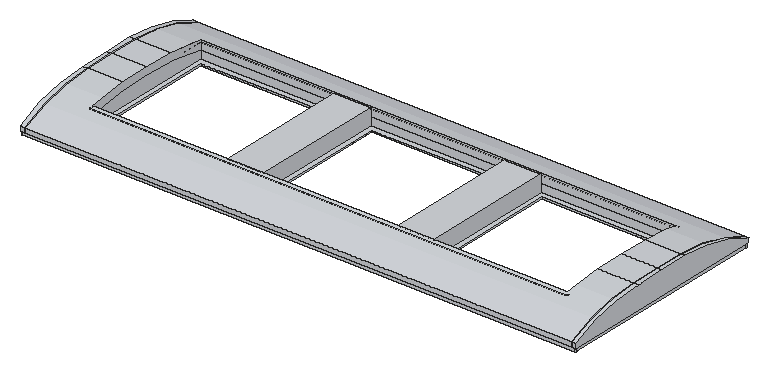
Revit family "Gira_021385", category Electrical Fixtures, host Face, Revit 2017
Family settings
  Host = Face
  Maintain Annotation Orientation = No
  Round Connector Dimension = Use Diameter
  Part Type = Normal
  Cut with Voids When Loaded = No
  Shared = No
  Room Calculation Point = No
Parameters (values of type "Cov.fr. 3-g interm.fr. AN Gira Event Opaque mint")
  With mounting grid = "No"
  With hinged lid = "No"
  URL = "http://katalog.gira.de/en/datenblatt.html?artikelnr=021385"
  Type of fastening = "Clamp mounting"
  Transparent = "No"
  Surface protection = "Other"
  Suitable for wall duct = "No"
  Suitable for flush-mounted installation = "Yes"
  Suitable for floor box = "No"
  Suitable for built-in installation = "No"
  Number of units vertical = "3"
  Number of units horizontal = "3"
  Number of units = "3"
  Name = "Cov.fr. 3-g interm.fr. AN Gira Event Opaque mint"
  Mounting direction = "Horizontal and vertical"
  Material quality = "Thermoplastic"
  Material = "Plastic"
  Manufacturer URL = "https://www.gira.de/"
  Manufacturer = "Gira"
  Label space/information surface = "No"
  Keynote = ""
  HeinzeBIM = "https://bimportal.heinze.de/bim/cov-fr-3-g-interm-fr-an-gira-event-opaque-mint/bc3d1ed0a31ca5e52f3902f12d1f91ecd2f3e2ba"
  Halogen free = "Yes"
  HAN = "021385"
  GTIN = "4010337213857"
  Description = "Cov.fr.3g i.fr.AN EvOp MI,Gira Event Opaque frames,mint with anthracite intermediate frame,3-gang,Features:,- Shatter-proof."
  Degree of protection (IP) = "IP20"
  Default Elevation = 1219.2 mm
  Data sheet (1) = "https://katalog.gira.de/en/download.html?artikelnr=021385"
  Colour = "Green"
  Category = "Cover frame for domestic switching devices"
  BIM (1) = "https://media.stage.bim.site/public/gira/36a6b08/Event_Rahmen_3fach.rfa"
  Available = "No"
Reference planes
  plane 1 "Center (Front/Back)": y = 0
  plane 2: z = 0
  plane 3 "Center (Left/Right)": x = 0
Forms (mm)
  Extrusion 1, solid, detail levels fine
    sketch origin (0, 0, 0.05) x (0, 1, 0) y (0, 0, 1)
      loop
        arc (12.445, 9.683) -> (6.223, 9.833) -> (0, 9.85) r 291.636
        arc (0, 9.85) -> (-6.223, 9.833) -> (-12.445, 9.683) r 291.636
        arc (-12.445, 9.683) -> (-29.14, 7.482) -> (-45, 1.823) r 79.728
        line (-45, 1.823) -> (-45, -0.05) -> (-42.086, -0.05)
        arc (-42.086, -0.05) -> (-21.385, 5.559) -> (0, 7.206) r 114.424
        arc (0, 7.206) -> (21.385, 5.559) -> (42.086, -0.05) r 114.424
        line (42.086, -0.05) -> (45, -0.05) -> (45, 1.823)
        arc (45, 1.823) -> (29.14, 7.482) -> (12.445, 9.683) r 79.728
    from -114.3 to 114.3
  Extrusion 2, void, detail levels fine
    sketch origin (0, 0, 0) x (1, 0, 0) y (0, 1, 0)
      loop
        line (-99.355, -28.053) -> (99.355, -28.053) -> (99.355, 28.053) -> (-99.355, 28.053) -> (-99.355, -28.053)
    from 0.724 to 11
  Extrusion 3, solid, detail levels coarse
    sketch origin (0, 0, 0) x (1, 0, 0) y (0, 1, 0)
      loop
        line (-116.3, 45) -> (-116.3, -45) -> (116.3, -45) -> (116.3, 45) -> (-116.3, 45)
    from -1.5 to 9.9
  Extrusion 4, solid, detail levels medium
    sketch origin (0, 0, 0.05) x (0, 1, 0) y (0, 0, 1)
      loop
        arc (12.445, 9.683) -> (6.223, 9.833) -> (0, 9.85) r 291.636
        arc (0, 9.85) -> (-6.223, 9.833) -> (-12.445, 9.683) r 291.636
        arc (-12.445, 9.683) -> (-29.14, 7.482) -> (-45, 1.823) r 79.728
        line (-45, 1.823) -> (-45, -0.05) -> (45, -0.05) -> (45, 1.823)
        arc (45, 1.823) -> (29.14, 7.482) -> (12.445, 9.683) r 79.728
    from -116.3 to 116.3
  Extrusion 5, solid, detail levels fine
    sketch origin (-71.3, 0, -1.5) x (0, 1, 0) y (0, 0, -1)
      loop
        line (45, -3.373) -> (45, -1.5) -> (-45, -1.5) -> (-45, -3.373)
        arc (-45, -3.373) -> (-29.14, -9.032) -> (-12.445, -11.233) r 79.728
        arc (-12.445, -11.233) -> (-6.223, -11.383) -> (0, -11.4) r 291.636
        arc (0, -11.4) -> (6.223, -11.383) -> (12.445, -11.233) r 291.636
        arc (12.445, -11.233) -> (29.14, -9.032) -> (45, -3.373) r 79.728
    from 43 to 45
  Extrusion 6, solid, detail levels fine
    sketch origin (0, 0, 0) x (1, 0, 0) y (0, 1, 0)
      loop
        line (-97.195, 25.7) -> (-97.195, -25.7) -> (-45.395, -25.7) -> (-45.395, 25.7) -> (-97.195, 25.7)
      loop
        line (25.9, -25.7) -> (25.9, 25.7) -> (-25.9, 25.7) -> (-25.9, -25.7) -> (25.9, -25.7)
      loop
        line (-100.19, 28.49) -> (-100.19, -28.495)
        spline (-100.19, -28.495) -> (-100.181, -28.625) -> (-100.156, -28.754) -> (-100.113, -28.878) -> (-100.056, -28.995) -> (-99.983, -29.104) -> (-99.897, -29.202) -> (-99.798, -29.288) -> (-99.69, -29.361) -> (-99.572, -29.419) -> (-99.448, -29.461) -> (-99.32, -29.486) -> (-99.19, -29.495)
        line (-99.19, -29.495) -> (99.195, -29.495)
        spline (99.195, -29.495) -> (99.325, -29.486) -> (99.454, -29.461) -> (99.578, -29.419) -> (99.695, -29.361) -> (99.804, -29.288) -> (99.902, -29.202) -> (99.988, -29.104) -> (100.061, -28.995) -> (100.119, -28.878) -> (100.161, -28.754) -> (100.186, -28.625) -> (100.195, -28.495)
        line (100.195, -28.495) -> (100.195, 28.49)
        spline (100.195, 28.49) -> (100.186, 28.62) -> (100.161, 28.748) -> (100.119, 28.872) -> (100.061, 28.99) -> (99.988, 29.098) -> (99.902, 29.197) -> (99.804, 29.283) -> (99.695, 29.356) -> (99.578, 29.413) -> (99.454, 29.456) -> (99.325, 29.481) -> (99.195, 29.49)
        line (99.195, 29.49) -> (-99.19, 29.49)
        spline (-99.19, 29.49) -> (-99.32, 29.481) -> (-99.448, 29.456) -> (-99.572, 29.413) -> (-99.69, 29.356) -> (-99.798, 29.283) -> (-99.897, 29.197) -> (-99.983, 29.098) -> (-100.056, 28.99) -> (-100.113, 28.872) -> (-100.156, 28.748) -> (-100.181, 28.62) -> (-100.19, 28.49)
      loop
        line (97.2, -25.7) -> (97.2, 25.7) -> (45.4, 25.7) -> (45.4, -25.7) -> (97.2, -25.7)
    from 0.1 to 7.3
  Extrusion 7, solid
    sketch origin (0, 0, 0) x (1, 0, 0) y (0, 1, 0)
      loop
        arc (-116, -44.2) -> (-115.854, -44.554) -> (-115.5, -44.7) r 0.5
        line (-115.5, -44.7) -> (115.5, -44.7)
        arc (115.5, -44.7) -> (115.854, -44.554) -> (116, -44.2) r 0.5
        line (116, -44.2) -> (116, 44.2)
        arc (116, 44.2) -> (115.854, 44.554) -> (115.5, 44.7) r 0.5
        line (115.5, 44.7) -> (-115.5, 44.7)
        arc (-115.5, 44.7) -> (-115.854, 44.554) -> (-116, 44.2) r 0.5
        line (-116, 44.2) -> (-116, -44.2)
      loop
        line (-114.3, 43) -> (-114.3, -43) -> (114.3, -43) -> (114.3, 43) -> (-114.3, 43)
    from -1.5 to 0.5
  Extrusion 8, solid, detail levels fine
    sketch origin (71.3, 0, -1.5) x (0, 1, 0) y (0, 0, 1)
      loop
        arc (45, 3.373) -> (29.14, 9.032) -> (12.445, 11.233) r 79.728
        arc (12.445, 11.233) -> (6.223, 11.383) -> (0, 11.4) r 291.636
        arc (0, 11.4) -> (-6.223, 11.383) -> (-12.445, 11.233) r 291.636
        arc (-12.445, 11.233) -> (-29.14, 9.032) -> (-45, 3.373) r 79.728
        line (-45, 3.373) -> (-45, 1.5) -> (45, 1.5) -> (45, 3.373)
    from 43 to 45
  Extrusion 9, solid, detail levels medium
    sketch origin (0, 0, 0) x (1, 0, 0) y (0, 1, 0)
      loop
        line (-116, -44.7) -> (116, -44.7) -> (116, 44.7) -> (-116, 44.7) -> (-116, -44.7)
    from -1.5 to 0.5
  Extrusion 10, solid, detail levels fine
    sketch origin (-34.207, 0, 0) x (1, 0, 0) y (0, 1, 0)
      loop
        line (-8.943, 28.063) -> (-8.943, -27.937) -> (6.057, -27.937) -> (6.057, 28.063) -> (-8.943, 28.063)
    from 0.724 to 7.566
  Extrusion 11, solid, detail levels fine
    sketch origin (34.207, 0, 0) x (-1, 0, 0) y (0, -1, 0)
      loop
        line (-8.943, -28.063) -> (6.057, -28.063) -> (6.057, 27.937) -> (-8.943, 27.937) -> (-8.943, -28.063)
    from 0.724 to 7.566
Cuts and joins
  Extrusion 2 cuts Extrusion 1
  Extrusion 2 cuts Extrusion 6
Dimensions and locks
  aligned and locked: plane 2 to host face
  aligned and locked: level to host face
